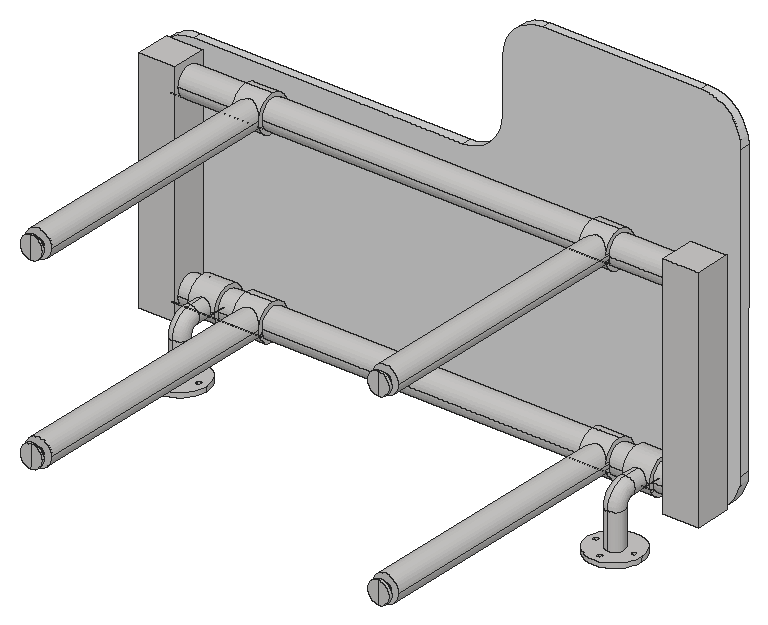
Revit family "Folding_Shower_Seat-Bobrick-B-51815", category Specialty Equipment, host Face, Revit 2019
Family settings
  Host = Face
  Round Connector Dimension = Use Diameter
  Part Type = Normal
  OmniClass Number = 23.40.20.21
  OmniClass Title = Toilet and Bath Specialties
  Cut with Voids When Loaded = No
  Shared = No
  Room Calculation Point = No
Parameters (values of type "B-51815")
  Width = 20 15/16"
  URL = "https://www.bobrick.com/"
  Mounting Height Constraint = if(Mounting Height < 17", 17", if(Mounting Height > 19", 19", Mounting Height))  # 17"
  Mounting Height = 17"
  Model = "B-51815"
  Material = "Metal-Bobrick-Stainless Steel"
  Manufacturer = "Bobrick"  # constant formula
  Length = 33"
  Keynote = ""
  Installation Type = "Wall Mounted"  # constant formula
  Height = Mounting Height  # 17"
  Finish - Seat = Phenolic-Bobrick-White
  Finish = Metal-Bobrick-Stainless Steel
  Description = "Reversible Seat With Swing Down Leg Shower Seat"  # constant formula
  Default Elevation = 19"
  Creation Date = "03/28/2022"  # constant formula
  Assembly Code = "C1030200"
  ADA Compliant = yes
Reference planes (in)
  plane 1 "Center (Front/Back)": y = -1.125
  plane 2: z = 0
  plane 3 "Center (Left/Right)": x = 0
  plane 4: x = -16.5
  plane 5: x = 16.5
  plane 6: y = -5.125
  plane 7: z = 22.4375
  plane 8: z = 1.5
  plane 9: x = -9.75
  plane 10: x = 9.75
  plane 11: x = -10.8125
  plane 12: x = -8.6875
  plane 13: x = 10.8125
  plane 14: x = 8.6875
  plane 15: x = -1.125
  plane 16: x = 1.125
  plane 17: z = 15
  plane 18: z = 8.25
  plane 19: z = 13.5
  plane 20: z = 3
  plane 21: x = -12.21768
  plane 22: x = 12.21768
  plane 23: y = -2.625
  plane 24: y = -18.125
  plane 25: z = 13.5
  plane 26: y = -18.375
  plane 27: y = -18.28584
  plane 28: y = -18.50441
  plane 29: z = 3
  plane 30: y = -18.375
  plane 31: y = -18.28584
  plane 32: y = -18.50441
  plane 33: z = 13.5
  plane 34: y = -18.375
  plane 35: y = -18.28584
  plane 36: y = -18.50441
  plane 37: z = 3
  plane 38: y = -18.375
  plane 39: y = -18.28584
  plane 40: y = -18.50441
  plane 41: x = 3.125
  plane 42: y = -19.625
  plane 43: y = -18.625
  plane 44: x = -14.71768
  plane 45: x = 14.71768
Forms (in)
  Extrusion 1, solid, material "Metal-Bobrick-Stainless Steel" <- "Finish"
    sketch origin (2.46768, -4.125, 0.9375) x (0, 1, 0) y (0, 0, 1)
      loop
        circle (1.5, 2.0625) r 0.8
      loop
        circle (1.5, 2.0625) r 1
    from 8.97348 to 10.48359
  Extrusion 2, solid, material "Metal-Bobrick-Stainless Steel" <- "Finish"
    sketch origin (-2.46768, -4.125, 1.5) x (0, 1, 0) y (0, 0, -1)
      loop
        circle (1.5, -1.5) r 0.8
      loop
        circle (1.5, -1.5) r 1
    from 8.9942 to 10.48359
  Extrusion 3, solid, material "Metal-Bobrick-Stainless Steel" <- "Finish"
    sketch origin (0, -4.125, 0.9375) x (0, 1, 0) y (0, 0, 1)
      loop
        circle (1.5, 2.0625) r 0.8
    from -14.28116 to 14.28018
  Extrusion 4, solid, material "Metal-Bobrick-Stainless Steel" <- "Finish"
    sketch origin (0, -2.625, 1.98437) x (0, 0, 1) y (0, 1, 0)
      loop
        circle (11.51563, 0) r 1
      loop
        circle (11.51563, 0) r 0.8
    from 8.9942 to 10.48359
  Extrusion 5, solid, material "Metal-Bobrick-Stainless Steel" <- "Finish"
    sketch origin (0, -2.625, 1.0625) x (0, 0, 1) y (0, -1, 0)
      loop
        circle (12.4375, 0) r 1
      loop
        circle (12.4375, 0) r 0.8
    from 8.97348 to 10.48359
  Extrusion 6, solid, material "Phenolic-Bobrick-White" <- "Finish - Seat"
    sketch origin (-16.5, 3, 1.375) x (0, 0, 1) y (1, 0, 0)
      loop
        arc (13.625, 17.375) -> (14.28401, 18.96599) -> (15.875, 19.625) r 2.25
        line (15.875, 19.625) -> (18.8125, 19.625)
        arc (18.8125, 19.625) -> (20.40349, 20.28401) -> (21.0625, 21.875) r 2.25
        line (21.0625, 21.875) -> (21.0625, 30.75)
        arc (21.0625, 30.75) -> (20.40349, 32.34099) -> (18.8125, 33) r 2.25
        line (18.8125, 33) -> (2.375, 33)
        arc (2.375, 33) -> (0.78401, 32.34099) -> (0.125, 30.75) r 2.25
        line (0.125, 30.75) -> (0.125, 2.25)
        arc (0.125, 2.25) -> (0.78401, 0.65901) -> (2.375, 0) r 2.25
        line (2.375, 0) -> (11.375, 0)
        arc (11.375, 0) -> (12.96599, 0.65901) -> (13.625, 2.25) r 2.25
        line (13.625, 2.25) -> (13.625, 17.375)
    from -4.625 to -4.125
  Extrusion 7, solid, material "Metal-Bobrick-Stainless Steel" <- "Finish"
    sketch origin (0, -1.5, 0) x (1, 0, 0) y (0, 1, 0)
      loop
        line (13.71768, -0.125) -> (13.71768, -2.125) -> (15.71768, -2.125) -> (15.71768, -0.125) -> (13.71768, -0.125)
    from 1.78314 to 14.59663
  Extrusion 8, solid, material "Metal-Bobrick-Stainless Steel" <- "Finish"
    sketch origin (0, 0, 0) x (1, 0, 0) y (0, 1, 0)
      loop
        line (-15.71768, -3.625) -> (-13.71768, -3.625) -> (-13.71768, -1.625) -> (-15.71768, -1.625) -> (-15.71768, -3.625)
    from 1.78314 to 14.59663
  Extrusion 9, solid, material "Metal-Bobrick-Stainless Steel" <- "Finish"
    sketch origin (0, -4.125, 11.23438) x (0, 1, 0) y (0, 0, 1)
      loop
        circle (1.5, 2.26563) r 0.8
    from -14.28116 to 14.28018
  Extrusion 10, solid, material "Metal-Bobrick-Stainless Steel" <- "Finish"
    sketch origin (-2.46768, -1.5625, 0) x (1, 0, 0) y (0, 1, 0)
      loop
        circle (-9.75, -3.5625) r 1.5
      loop
        circle (-10.81327, -3.5625) r 0.1239
      loop
        circle (-8.68771, -3.5625) r 0.1239
      loop
        circle (-9.75, -4.64139) r 0.1239
    from 0 to 0.25
  Extrusion 11, solid, material "Metal-Bobrick-Stainless Steel" <- "Finish"
    sketch origin (2.46768, -1.5625, 0) x (-1, 0, 0) y (0, -1, 0)
      loop
        circle (-9.75, 3.5625) r 1.5
      loop
        circle (-10.82889, 3.5625) r 0.1239
      loop
        circle (-8.68673, 3.5625) r 0.1239
      loop
        circle (-9.75, 4.64139) r 0.1239
    from 0 to 0.25
  Sweep 12, solid, material "Metal-Bobrick-Stainless Steel" <- "Finish"
    path origin (-8.96768, -4.1875, 0) x (0, 1, 0) y (0, 0, 1)
      loop
        line (-0.9375, 0.25) -> (-0.9375, 2.25)
        arc (-0.9375, 2.25) -> (-0.71783, 2.78033) -> (-0.1875, 3) r 0.75
        line (-0.1875, 3) -> (2.18437, 3)
    profile origin (-8.96768, -5.125, 1.25) x (0, -1, 0) y (1, 0, 0)
      loop
        circle (0, -3.25) r 0.5
  Sweep 13, solid, material "Metal-Bobrick-Stainless Steel" <- "Finish"
    path origin (8.96768, -4.1875, 0) x (0, 1, 0) y (0, 0, -1)
      loop
        line (-0.9375, -0.25) -> (-0.9375, -2.25)
        arc (-0.9375, -2.25) -> (-0.71783, -2.78033) -> (-0.1875, -3) r 0.75
        line (-0.1875, -3) -> (2.18437, -3)
    profile origin (8.96768, -5.125, 1.25) x (0, 1, 0) y (-1, 0, 0)
      loop
        circle (0, -3.25) r 0.5
  Extrusion 14, solid, material "Metal-Bobrick-Stainless Steel" <- "Finish"
    sketch origin (0, -2.625, -8.51563) x (0, 0, 1) y (0, 1, 0)
      loop
        circle (11.51563, 0) r 1
      loop
        circle (11.51563, 0) r 0.8
    from 8.9942 to 10.48359
  Extrusion 15, solid, material "Metal-Bobrick-Stainless Steel" <- "Finish"
    sketch origin (0, -2.625, -9.4375) x (0, 0, 1) y (0, -1, 0)
      loop
        circle (12.4375, 0) r 1
      loop
        circle (12.4375, 0) r 0.8
    from 8.97348 to 10.48359
  Extrusion 16, solid, material "Metal-Bobrick-Stainless Steel" <- "Finish"
    sketch origin (0, -1.125, 0) x (1, 0, 0) y (0, 0, 1)
      loop
        circle (-9.75, 13.5) r 0.75
      loop
        circle (9.75, 13.5) r 0.75
      loop
        circle (-9.75, 3) r 0.75
      loop
        circle (9.75, 3) r 0.75
    from 1.5 to 17
  Revolve 17, solid, material "Metal-Bobrick-Stainless Steel" <- "Finish"
    sketch origin (-9.75, 0, 0) x (0, 1, 0) y (0, 0, 1)
      loop
        line (-18.125, 13.5) -> (-18.125, 13.79208) -> (-18.28584, 13.79208) -> (-18.375, 13.63764) -> (-18.50441, 14.1206) -> (-18.625, 14.1206) -> (-18.625, 13.5) -> (-18.125, 13.5)
      axis (-18.625, 13.5) -> (-18.125, 13.5)
    angle from 0 to 360
  Revolve 18, solid, material "Metal-Bobrick-Stainless Steel" <- "Finish"
    sketch origin (-9.75, 0, -10.5) x (0, 1, 0) y (0, 0, 1)
      loop
        line (-18.125, 13.5) -> (-18.125, 13.79208) -> (-18.28584, 13.79208) -> (-18.375, 13.63764) -> (-18.50441, 14.1206) -> (-18.625, 14.1206) -> (-18.625, 13.5) -> (-18.125, 13.5)
      axis (-18.625, 13.5) -> (-18.125, 13.5)
    angle from 0 to 360
  Revolve 19, solid, material "Metal-Bobrick-Stainless Steel" <- "Finish"
    sketch origin (9.75, 0, 0) x (0, 1, 0) y (0, 0, -1)
      loop
        line (-18.125, -13.5) -> (-18.625, -13.5) -> (-18.625, -14.1206) -> (-18.50441, -14.1206) -> (-18.375, -13.63764) -> (-18.28584, -13.79208) -> (-18.125, -13.79208) -> (-18.125, -13.5)
      axis (-18.625, -13.5) -> (-18.125, -13.5)
    angle from 0 to 360
  Revolve 20, solid, material "Metal-Bobrick-Stainless Steel" <- "Finish"
    sketch origin (9.75, 0, -10.5) x (0, 1, 0) y (0, 0, -1)
      loop
        line (-18.125, -13.5) -> (-18.625, -13.5) -> (-18.625, -14.1206) -> (-18.50441, -14.1206) -> (-18.375, -13.63764) -> (-18.28584, -13.79208) -> (-18.125, -13.79208) -> (-18.125, -13.5)
      axis (-18.625, -13.5) -> (-18.125, -13.5)
    angle from 0 to 360
Cuts and joins
  joined: Extrusion 16, Revolve 17, Revolve 18, Revolve 20
Lines and regions (in)
  Masking region 1
    outline origin (-16.5, 2.625, 1.375) x (0, 0, 1) y (1, 0, 0)
      loop
        line (0.125, 10.95252) -> (0.125, 28.18923) -> (-1.125, 28.18923) -> (-1.125, 27.18923) -> (-1.375, 27.18923) -> (-1.375, 30.18782) -> (-1.125, 30.18782) -> (-1.125, 29.18923) -> (0.125, 29.18923) -> (0.125, 30.59268) -> (0.05733, 30.59268) -> (0.05733, 31.84268) -> (0.40814, 31.84268)
        arc (0.40814, 31.84268) -> (1.23396, 32.68921) -> (2.375, 33) r 2.25
        line (2.375, 33) -> (18.8125, 33)
        arc (18.8125, 33) -> (20.40349, 32.34099) -> (21.0625, 30.75) r 2.25
        line (21.0625, 30.75) -> (21.0625, 21.875)
        arc (21.0625, 21.875) -> (20.40349, 20.28401) -> (18.8125, 19.625) r 2.25
        line (18.8125, 19.625) -> (15.875, 19.625)
        arc (15.875, 19.625) -> (14.28401, 18.96599) -> (13.625, 17.375) r 2.25
        line (13.625, 17.375) -> (13.625, 2.25)
        arc (13.625, 2.25) -> (12.96599, 0.65901) -> (11.375, 0) r 2.25
        line (11.375, 0) -> (2.375, 0)
        arc (2.375, 0) -> (1.23396, 0.31079) -> (0.40814, 1.15732) r 2.25
        line (0.40814, 1.15732) -> (0.05733, 1.15732) -> (0.05733, 2.40732) -> (0.125, 2.40732) -> (0.125, 3.78091) -> (-1.125, 3.78091) -> (-1.125, 2.78232) -> (-1.375, 2.78232) -> (-1.375, 5.78091) -> (-1.125, 5.78091) -> (-1.125, 4.78091) -> (0.12227, 4.78091) -> (0.12227, 10.95252)
  symbolic lines, detail levels medium+fine
    curve 1: line (10.25, 2.625, 1.5) -> (-10.25, 2.625, 1.5)
    curve 4: line (-14.09268, 2.625, 1.5) -> (-14.41576, 2.625, 1.5)
    curve 5: arc (-15.34268, 2.625, 1.78314) -> (-14.90036, 2.625, 1.57236) -> (-14.41576, 2.625, 1.5) r 1.65883
    curve 6: line (14.09268, 2.625, 1.5) -> (14.42289, 2.625, 1.5)
    curve 7: arc (15.34268, 2.625, 1.78314) -> (14.90408, 2.625, 1.57239) -> (14.42289, 2.625, 1.5) r 1.63558
    curve 8: line (12.68923, 2.625, 1.5) -> (11.68923, 2.625, 1.5)
    curve 9: line (-11.5, 2.625, 1.49727) -> (-12.75, 2.625, 1.49727)
  symbolic lines, detail levels fine
    curve 2: line (12.68923, 2.625, 0.25) -> (11.68923, 2.625, 0.25)
    curve 3: line (-11.71909, 2.625, 0.25) -> (-12.71909, 2.625, 0.25)
Dimensions and locks (in)
  equal spacing: plane 4, plane 3 "Center (Left/Right)", plane 5
  "Length": plane 4 to plane 5
  plane 6 to plane 1 "Center (Front/Back)" = 4"
  host face to plane 7 = 22 7/16"
  host face to plane 8 = 1 1/2"
  plane 9 to plane 10 = 19 1/2"
  plane 8 to plane 7 = 20 15/16"
  equal spacing: plane 11, plane 9, plane 12
  plane 11 to plane 12 = 2 1/8"
  plane 13 to plane 14 = 2 1/8"
  equal spacing: plane 14, plane 10, plane 13
  plane 10 to plane 5 = 6 3/4"
  plane 3 "Center (Left/Right)" to plane 5 = 16 1/2"
  plane 15 to plane 16 = 2 1/4"  (x2)
  locked: plane 7 to plane 8 at 20.9375
  plane 5 to plane 4 = 33"
  plane 7 to host face = 22 7/16"
  plane 10 to plane 9 = 19 1/2"
  equal spacing: plane 17, plane 18, plane 8
  Extrusion 16 to plane 27 to plane 26 to plane 28 = 0.16084" locked, 0.08916" locked, 0.12941" locked
  Extrusion 16 to plane 31 to plane 30 to plane 32 to Revolve 20 = 0.16084" locked, 0.08916" locked, 0.12941" locked, 0.12059" locked
  plane 35 to plane 34 to plane 36 = 0.08916" locked, 0.12941" locked
  plane 39 to plane 38 to plane 40 = 0.08916" locked, 0.12941" locked
  plane 23 to plane 1 "Center (Front/Back)" = 1 1/2"
  plane 1 "Center (Front/Back)" to plane 23 = 1 1/2"
  Extrusion 8 to plane 21 = 3 1/2"
  plane 17 to plane 8 = 13 1/2"
  plane 5 to plane 41 = 13 3/8"
  plane 19 to plane 20 = 10 1/2"
  plane 23 to plane 24 = 15 1/2"
  "Mounting Height": plane 23 to plane 42
  plane 23 to plane 6 = 2 1/2"
  plane 7 to plane 8 = 20 15/16"
  equal spacing: plane 5, plane 3 "Center (Left/Right)", plane 4
  locked: plane 24 to plane 43 at 0.5
  locked: plane 6 to plane 43 at 13.5
  Extrusion 6 to Extrusion 6 = 1/2"
  aligned and locked: plane 2 to host face
  aligned and locked: level to host face
  aligned and locked: Extrusion 6 to plane 1 "Center (Front/Back)"
  aligned and locked: plane 19 to Extrusion 16 sketch curve  (x2)
  aligned and locked: plane 9 to Extrusion 16 sketch curve  (x2)
  aligned and locked: plane 10 to Extrusion 16 sketch curve  (x2)
  aligned and locked: plane 20 to Extrusion 16 sketch curve  (x2)
  aligned and locked: plane 23 to Extrusion 16
  aligned and locked: Extrusion 16 to plane 24
  aligned and locked: Revolve 17 sketch curve to plane 25
  aligned and locked: plane 25 to Revolve 17 sketch curve
  aligned and locked: plane 24 to Revolve 17 sketch curve
  aligned and locked: plane 27 to Revolve 17 sketch curve
  aligned and locked: plane 26 to Revolve 17 sketch curve
  aligned and locked: plane 28 to Revolve 17 sketch curve
  aligned and locked: Revolve 18 sketch curve to plane 29
  aligned and locked: plane 29 to Revolve 18 sketch curve
  aligned and locked: plane 31 to Revolve 18 sketch curve
  aligned and locked: plane 30 to Revolve 18 sketch curve
  aligned and locked: plane 32 to Revolve 18 sketch curve
  aligned and locked: plane 9 to Revolve 17
  aligned and locked: plane 9 to Revolve 18
  aligned and locked: plane 33 to Revolve 19 sketch curve
  aligned and locked: Revolve 19 sketch curve to plane 33
  aligned and locked: plane 35 to Revolve 19 sketch curve
  aligned and locked: plane 34 to Revolve 19 sketch curve
  aligned and locked: plane 36 to Revolve 19 sketch curve
  aligned and locked: plane 37 to Revolve 20 sketch curve
  aligned and locked: Revolve 20 sketch curve to plane 37
  aligned and locked: plane 39 to Revolve 20 sketch curve
  aligned and locked: plane 38 to Revolve 20 sketch curve
  aligned and locked: plane 40 to Revolve 20 sketch curve
  aligned and locked: plane 24 to Revolve 20 sketch curve
  aligned and locked: Revolve 20 sketch curve to Revolve 20 sketch curve
  aligned and locked: plane 24 to Revolve 19 sketch curve
  aligned and locked: plane 24 to Revolve 18 sketch curve
  aligned and locked: Masking region 1 to curve 2
  aligned and locked: plane 17 to Extrusion 6 sketch curve
  aligned and locked: plane 43 to cut or joined group of Extrusion 16, Revolve 17, Revolve 18, Revolve 20  (x4)
Automatic sketch dimensions
  host sketch curve to host sketch curve = 96"  (x2)
  Extrusion 10 sketch curve to plane 6 = 0"  (x3)
  Extrusion 10 sketch curve to plane 21 = 0"  (x2)
  Extrusion 10 sketch curve to plane 21 = 1.06327"
  Extrusion 10 sketch curve to plane 11 = 0.34289"
  Extrusion 10 sketch curve to plane 6 = 1.07889"
  Extrusion 11 sketch curve to plane 6 = 0"  (x3)
  Extrusion 11 sketch curve to plane 22 = 0"  (x2)
  Extrusion 11 sketch curve to Extrusion 11 sketch curve = 1.07889"
  plane 13 to Extrusion 11 sketch curve = 0.34192"
  plane 6 to Extrusion 11 sketch curve = 1.07889"
  Sweep 12 sketch curve to plane 6 = 0"
  Sweep 12 sketch curve to plane 20 = 0"
  Sweep 12 sketch curve to Sweep 12 sketch curve = 3/4"
  level to Sweep 12 sketch curve = 1/4"
  Sweep 12 sketch curve to profile plane = 0"
  Sweep 12 sketch curve to profile plane = 3 1/4"
  Sweep 13 sketch curve to plane 6 = 0"
  Sweep 13 sketch curve to plane 20 = 0"
  Sweep 13 sketch curve to Sweep 13 sketch curve = 3/4"
  level to Sweep 13 sketch curve = 1/4"
  profile plane to Sweep 13 sketch curve = 0"
  Sweep 13 sketch curve to profile plane = 3 1/4"
  Revolve 17 sketch curve to plane 24 = 0"
  plane 19 to Revolve 17 sketch curve = 0.13764"
  Revolve 17 sketch curve to Revolve 17 sketch curve = 0.29208"
  Revolve 17 sketch curve to Revolve 17 sketch curve = 0.32853"
  Revolve 17 sketch curve to Revolve 17 sketch curve = 0.29555"
  Revolve 18 sketch curve to plane 24 = 0"
  plane 20 to Revolve 18 sketch curve = 0.13764"
  plane 20 to Revolve 18 sketch curve = 0.29208"
  Revolve 18 sketch curve to Revolve 18 sketch curve = 0.32853"
  Revolve 18 sketch curve to Revolve 18 sketch curve = 0.29555"
  Revolve 19 sketch curve to plane 24 = 0"
  plane 19 to Revolve 19 sketch curve = 0.13764"
  Revolve 19 sketch curve to Revolve 19 sketch curve = 0.29208"
  Revolve 19 sketch curve to Revolve 19 sketch curve = 0.32853"
  Revolve 19 sketch curve to Revolve 19 sketch curve = 0.29555"
  Revolve 20 sketch curve to plane 24 = 0"
  plane 20 to Revolve 20 sketch curve = 0.13764"
  plane 20 to Revolve 20 sketch curve = 0.29208"
  Revolve 20 sketch curve to Revolve 20 sketch curve = 0.32853"
  Revolve 20 sketch curve to Revolve 20 sketch curve = 0.29555"
  Masking region 1 sketch curve to level = 0"  (x2)
  Masking region 1 sketch curve to plane 8 = 0"  (x3)
  Masking region 1 sketch curve to plane 5 = 0"
  Masking region 1 sketch curve to plane 4 = 0"
  Masking region 1 sketch curve to plane 7 = 0"
  level to Masking region 1 sketch curve = 1/4"  (x4)
  plane 11 to Masking region 1 sketch curve = 0.09341"
  Masking region 1 sketch curve to plane 8 = 0.06767"  (x2)
  Masking region 1 sketch curve to plane 8 = 0.00273"
  plane 20 to Masking region 1 sketch curve = 3/4"  (x2)
  Masking region 1 sketch curve to plane 19 = 3/4"
  Masking region 1 sketch curve to plane 22 = 2.03232"
  Masking region 1 sketch curve to Masking region 1 sketch curve = 2 1/4"  (x2)
  Masking region 1 sketch curve to Masking region 1 sketch curve = 3/8"
  Masking region 1 sketch curve to plane 21 = 0.50141"
  plane 21 to Masking region 1 sketch curve = 0.49859"
  plane 13 to Masking region 1 sketch curve = 0.12327"
  plane 22 to Masking region 1 sketch curve = 0.52846"
  Masking region 1 sketch curve to plane 22 = 0.47154"
  Masking region 1 sketch curve to Masking region 1 sketch curve = 0.99859"
  Masking region 1 sketch curve to plane 12 = 3.14002"
  Masking region 1 sketch curve to Masking region 1 sketch curve = 0"
  plane 8 to Masking region 1 sketch curve = 0.28314"  (x2)
  Masking region 1 sketch curve to Masking region 1 sketch curve = 0.40486"
  Masking region 1 sketch curve to plane 5 = 2 1/4"
  plane 4 to Masking region 1 sketch curve = 1.15732"
  Masking region 1 sketch curve to Masking region 1 sketch curve = 1 1/4"
  curve 4 to plane 8 = 0"
  curve 1 to plane 8 = 0"
  curve 8 to plane 8 = 0"
  curve 6 to plane 8 = 0"
  plane 20 to curve 7 = 0.13558"
  plane 20 to curve 5 = 0.15883"
  plane 4 to curve 5 = 2.08424"
  curve 6 to plane 5 = 2.07711"
  curve 9 to plane 8 = 0.00273"
  level to curve 3 = 1/4"
  level to curve 2 = 1/4"
  plane 8 to curve 5 = 0.28314"
  plane 8 to curve 7 = 0.28314"
  plane 22 to curve 2 = 0.52846"
  plane 22 to curve 8 = 0.52846"
  plane 10 to curve 1 = 1/2"
  curve 1 to plane 9 = 1/2"
  curve 9 to plane 11 = 11/16"
  plane 21 to curve 3 = 0.49859"
  curve 3 to plane 21 = 0.50141"
  curve 9 to plane 21 = 0.53232"
  curve 5 to curve 4 = 0.32308"
  curve 8 to plane 22 = 0.47154"
  curve 6 to curve 6 = 0.3302"
  plane 23 to Sweep 12 sketch curve = 0.62187"
  plane 23 to Sweep 13 sketch curve = 0.62187"
  Masking region 1 sketch curve to plane 41 = 2 1/4"
  plane 17 to Masking region 1 sketch curve = 0"
  plane 28 to Revolve 17 sketch curve = 0.12059"
  plane 32 to Revolve 18 sketch curve = 0.12059"
  plane 36 to Revolve 19 sketch curve = 0.12059"
  plane 40 to Revolve 20 sketch curve = 0.12059"
  Extrusion 6 sketch curve to plane 8 = 0"
  Extrusion 6 sketch curve to plane 4 = 0"
  Extrusion 6 sketch curve to plane 5 = 0"
  Extrusion 6 sketch curve to plane 41 = 0"
  Extrusion 6 sketch curve to plane 7 = 0"
  plane 20 to Extrusion 6 sketch curve = 3/4"  (x2)
  Extrusion 6 sketch curve to plane 19 = 3/4"
  plane 3 "Center (Left/Right)" to Extrusion 6 sketch curve = 7/8"
  Extrusion 6 sketch curve to plane 7 = 2 1/4"  (x2)
  plane 4 to Extrusion 8 sketch curve = 0.78232"
  plane 1 "Center (Front/Back)" to Extrusion 8 sketch curve = 1/2"
  plane 44 to Extrusion 8 sketch curve = 1"
  Extrusion 8 sketch curve to plane 23 = 1"
  plane 45 to Extrusion 7 sketch curve = 1"
  Extrusion 7 sketch curve to plane 5 = 0.78232"
  Extrusion 7 sketch curve to plane 23 = 1"
  plane 1 "Center (Front/Back)" to Extrusion 7 sketch curve = 1/2"
  Extrusion 4 sketch curve to Extrusion 4 sketch curve = 0"  (x6)
  Extrusion 4 sketch curve to plane 19 = 0"
  Extrusion 4 sketch curve to plane 23 = 0"
  Extrusion 4 sketch curve to plane 23 = 0.8"
  Extrusion 9 sketch curve to Extrusion 9 sketch curve = 0"  (x2)
  Extrusion 9 sketch curve to plane 19 = 0"
  Extrusion 9 sketch curve to plane 23 = 0"
  Extrusion 9 sketch curve to Extrusion 9 sketch curve = 0.8"
  Extrusion 5 sketch curve to Extrusion 5 sketch curve = 0"  (x6)
  Extrusion 5 sketch curve to plane 19 = 0"
  Extrusion 5 sketch curve to plane 23 = 0"
  plane 1 "Center (Front/Back)" to Extrusion 5 sketch curve = 0.7"
  Extrusion 2 sketch curve to Extrusion 2 sketch curve = 0"  (x2)
  Extrusion 2 sketch curve to plane 20 = 0"
  Extrusion 2 sketch curve to plane 23 = 0"
  Extrusion 14 sketch curve to Extrusion 14 sketch curve = 0"  (x6)
  Extrusion 14 sketch curve to plane 20 = 0"
  Extrusion 14 sketch curve to plane 23 = 0"
  Extrusion 14 sketch curve to Extrusion 14 sketch curve = 0.8"
  Extrusion 15 sketch curve to Extrusion 15 sketch curve = 0"  (x6)
  Extrusion 15 sketch curve to plane 20 = 0"
  Extrusion 15 sketch curve to plane 23 = 0"
  plane 1 "Center (Front/Back)" to Extrusion 15 sketch curve = 0.7"
  Extrusion 1 sketch curve to Extrusion 1 sketch curve = 0"  (x2)
  Extrusion 1 sketch curve to plane 20 = 0"
  Extrusion 1 sketch curve to plane 23 = 0"
  Extrusion 3 sketch curve to Extrusion 3 sketch curve = 0"  (x2)
  Extrusion 3 sketch curve to plane 20 = 0"
  Extrusion 3 sketch curve to plane 23 = 0"
  Extrusion 3 sketch curve to Extrusion 3 sketch curve = 0.8"
  radius of Extrusion 10 sketch curve = 1 1/2"
  radius of Extrusion 10 sketch curve = 0.1239"  (x3)
  radius of Extrusion 11 sketch curve = 1 1/2"
  radius of Extrusion 11 sketch curve = 0.1239"  (x3)
  radius of Sweep 12 sketch curve = 1/2"
  radius of Sweep 13 sketch curve = 1/2"
  radius of Extrusion 16 sketch curve = 3/4"  (x4)
  radius of Extrusion 4 sketch curve = 1"
  radius of Extrusion 5 sketch curve = 1"
  radius of Extrusion 2 sketch curve = 0.8"
  radius of Extrusion 2 sketch curve = 1"
  radius of Extrusion 14 sketch curve = 1"
  radius of Extrusion 15 sketch curve = 1"
  radius of Extrusion 1 sketch curve = 0.8"
  radius of Extrusion 1 sketch curve = 1"
